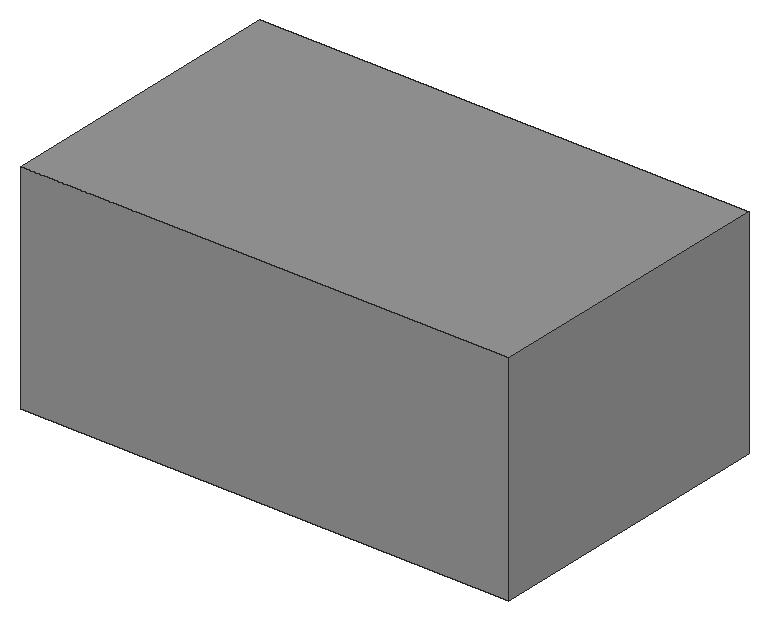
Revit family "AVLN_Оборудование", category Мебель, Revit 2019
Family settings
  Номер OmniClass = 23.40.20.00
  Заголовок OmniClass = General Furniture and Specialties
  На основе рабочей плоскости = Нет
  Всегда вертикально = Да
  При загрузке вырезать с полостями = Нет
  Общий = Нет
  Точка расчета площади = Нет
Parameters (values of type "Запечатывающее устройство")
  Описание = "Запечатывающее устройство Woson Seal 100"
  М.основы = Акриловый
  Type Comments = ""
  Keynote = ""
  Manufacturer = ""
  Группа модели = "Оборудование поликлиники"
  ADSK_Размер_Ширина = 330 mm
  ADSK_Размер_Длина = 540 mm
  ADSK_Размер_Высота = 240 mm
  ADSK_Примечание [instance] = ""
  ADSK_Обозначение = ""
  ADSK_Наименование = "Запечатывающее устройство Woson Seal 100"
  ADSK_Масса = 0
  ADSK_Марка = ""
  ADSK_Код изделия = ""
  ADSK_Единица измерения = "шт"  # constant formula
Reference planes
  plane 1 "По центру (Вперед/Назад)": y = 0
  plane 2: z = 0
  plane 3 "По центру (Влево/Вправо)": x = 0
  plane 4: z = 240
  plane 5: y = 165
  plane 6: x = 270
  plane 7: x = -270
  plane 8: y = -165
  plane 9: y = 0
Forms (mm)
  Extrusion 1, solid, material "Акриловый" <- "М.основы"
    sketch origin (0, 0, 0) x (1, 0, 0) y (0, 1, 0)
      loop
        line (-270, 165) -> (-270, -165) -> (270, -165) -> (270, 165) -> (-270, 165)
    from 0 to 240
Lines and regions (mm)
  symbolic lines
    curve 1: line (-270, 0, 592.976) -> (270, 0, 592.976)
    curve 2: line (-90, 0, 592.976) -> (-90, 55, 592.976)
    curve 3: line (-90, 55, 592.976) -> (90, 55, 592.976)
    curve 4: line (90, 55, 592.976) -> (90, 0, 592.976)
Dimensions and locks
  plane 2 to plane 4 = 240 mm
  equal spacing: plane 8, plane 1 "По центру (Вперед/Назад)", plane 5
  equal spacing: plane 7, plane 3 "По центру (Влево/Вправо)", plane 6
  "ADSK_Размер_Длина": plane 7 to plane 6
  "ADSK_Размер_Ширина": plane 5 to plane 8
  "ADSK_Размер_Высота": plane 2 to plane 4
  plane 9 to plane 8 = 165 mm
  equal spacing: plane 5, plane 9, plane 8
  equal spacing: curve 2, plane 3 "По центру (Влево/Вправо)", curve 4
  locked: plane 1 "По центру (Вперед/Назад)" to curve 3 at 55
  aligned and locked: level to plane 2
  aligned and locked: Extrusion 1 sketch curve to plane 5
  aligned and locked: plane 7 to Extrusion 1 sketch curve
  aligned and locked: plane 8 to Extrusion 1 sketch curve
  aligned and locked: Extrusion 1 sketch curve to plane 6
  aligned and locked: Extrusion 1 to level
  aligned and locked: Extrusion 1 to plane 4
  aligned and locked: plane 1 "По центру (Вперед/Назад)" to curve 1
  aligned and locked: plane 6 to curve 1
  aligned and locked: plane 7 to curve 1
Automatic sketch dimensions
  plane 3 "По центру (Влево/Вправо)" to curve 4 = 90 mm
